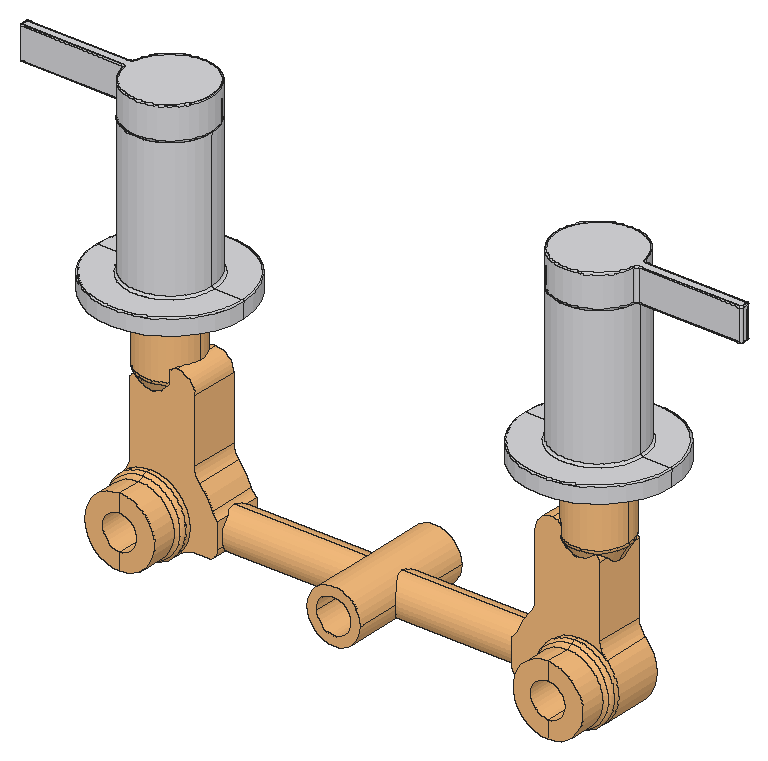
Revit family "Faucet-Handle-KOHLER-STILLNESS-K-11645M_1", category Plumbing Fixtures, host Face, Revit 2017
Family settings
  Host = Face
  Round Connector Dimension = Use Diameter
  Part Type = Normal
  OmniClass Number = 23.31.11.00
  OmniClass Title = Faucets
  Cut with Voids When Loaded = No
  Shared = No
  Room Calculation Point = No
Parameters (values of type "CP-Polished Chrome")
  Width = Faucet Hole Spacing  # 8.0315"
  WaterSense Certified = 1 = 0  # no
  Waste Water Outlet = "Waste Water Outlet"  # constant formula
  Waste Connection = 1 = 0  # no
  Vent Connection = 1 = 0  # no
  URL = "https://la.kohler.com/es?country=MX"
  Type = 1
  Tempered Water Outlet 2 = "Tempered Water Outlet 2"  # constant formula
  Tempered Water Outlet 1 = "Tempered Water Outlet 1"  # constant formula
  Product Page URL = ""
  Product Name = "STILLNESS"  # constant formula
  Product Documentation Link = ""
  Pressure = 0.00 psi
  Model = "K-11645M-4-CP"  # constant formula
  Material = "Premium Metal Construction"  # constant formula
  Master Format 2014 Name = "Residential Faucets, Supplies, and Trim"  # constant formula
  Master Format 2014 = "22 41 39"  # constant formula
  Manufacturer Address = "KOHLER Co. 444 Highland Dr. Kohler, WI 53044"  # constant formula
  Manufacturer = "KOHLER Co."  # constant formula
  Length = 3.54331"  # constant formula
  Hot Water Inlet = "Hot Water Inlet"  # constant formula
  Height = 2.75591"  # constant formula
  Handle Clearance = 2.75591"  # constant formula
  HW Connection = 1 = 1  # yes
  Flow Rate = 0 GPM
  Finish = Kohler-Metal-CP-Polished_Chrome
  Faucet Hole Spacing = 8.0315"  # constant formula
  Environmental Product Declaration = ""
  Drain Included = 1 = 0  # no
  Description = "Two-handle shower faucet"  # constant formula
  Default Elevation = 36"
  Declare Label = ""
  Date Modified = "10/07/2020"  # constant formula
  Date Created = "10/07/2020"  # constant formula
  Copyright = "Copyright KOHLER Co."  # constant formula
  Contact Us = "https://la.kohler.com/es/contact-us-page"
  Cold Water Inlet = "Cold Water Inlet"  # constant formula
  CW Connection = 1 = 1  # yes
  Assembly Code = "D2010"
  ADA Compliant = 1 = 0  # no
Reference planes (in)
  plane 1 "Center (Front/Back)": y = 0
  plane 2: z = 0
  plane 3 "Center (Left/Right)": x = 0
  plane 4: x = -4.01575
  plane 5: x = 4.01575
  plane 6: y = 1.37795
  plane 7: y = -1.37795
  plane 8: x = -6.77165
  plane 9: x = -2.6378
  plane 10: x = -5.3937
  plane 11: x = -4.80424
  plane 12: x = -3.22725
  plane 13: x = 6.77165
  plane 14: x = 2.6378
  plane 15: x = 5.3937
  plane 16: x = 4.80424
  plane 17: x = 3.22725
  plane 18: z = 3.54331
Forms (in)
  Extrusion 1, void
    sketch origin (-0.0625, -0.07843, 0) x (1, 0, 0) y (0, 1, 0)
      loop
        line (-3.12648, 0.83368) -> (-4.75, 0.83368) -> (-4.75, -0.92157) -> (-3.12648, -0.92157) -> (-3.12648, 0.83368)
      loop
        line (3.25148, 0.84099) -> (3.25148, -0.91145) -> (4.875, -0.91145) -> (4.875, 0.84099) -> (3.25148, 0.84099)
    from -4.37239 to 0
  Extrusion 2, void
    sketch origin (0, 0, 0) x (1, 0, 0) y (0, 1, 0)
      loop
        line (-4.7791, 1.37795) -> (-4.7791, -1.37795) -> (4.79447, -1.37795) -> (4.79447, 1.37795) -> (-4.7791, 1.37795)
    from -4.34171 to -2.25413
Dimensions and locks (in)
  equal spacing: plane 4, plane 3 "Center (Left/Right)", plane 5
  "Faucet Hole Spacing": plane 4 to plane 5
  "Handle Clearance": plane 8 to plane 4
  "Handle Clearance": plane 5 to plane 13
  "Length": plane 18 to level
  "Height": plane 7 to plane 6
  aligned and locked: plane 2 to host face
  aligned and locked: level to host face
  aligned and locked: plane 1 "Center (Front/Back)" to nested 1
Automatic sketch dimensions
  host sketch curve to host sketch curve = 96"  (x2)
  plane 11 to Extrusion 1 sketch curve = 0.00826"
  plane 12 to Extrusion 1 sketch curve = 0.03828"
  plane 17 to Extrusion 1 sketch curve = 0.03828"
  plane 16 to Extrusion 1 sketch curve = 0.00826"
  plane 7 to Extrusion 1 sketch curve = 0.38807"
  plane 7 to Extrusion 1 sketch curve = 0.37795"
  plane 6 to Extrusion 1 sketch curve = 0.61539"
  plane 6 to Extrusion 1 sketch curve = 0.6227"
  Extrusion 2 sketch curve to plane 7 = 0"
  Extrusion 2 sketch curve to plane 6 = 0"
  plane 8 to Extrusion 2 sketch curve = 1.99255"
  plane 13 to Extrusion 2 sketch curve = 1.97718"
Nested families (in)
  nested 1: "K-11645M" at (0, 0, 0), type "K-11645M"
Connectors (in)
  piping at (-4.01582, -1.1811, -3.54342), diameter 0.5, driven by "Flow Rate", driven by "HW Connection", driven by "Hot Water Inlet"
    settings: on nested 1, index 1, connector inside diameter 24", connector length 0", flow factor 0, pipe flow 0 GPM, pressure drop 0.00 psi, fitting loss kfactor 0, connector angle 0.00°, fixture units 0, engagement length 0", angle of deflection 0.00°, flow configuration 0, flow direction 1, fitting loss method 0, system type 19, joint type 0, gender type 0, connector reference index -1, connector utility 1, adjustable connector no, is connector primary yes, connector description "Hot Water Inlet"
  piping at (4.01582, -1.1811, -3.54342), diameter 0.5, driven by "Flow Rate", driven by "CW Connection", driven by "Cold Water Inlet"
    settings: on nested 1, index 2, connector inside diameter 24", connector length 0", flow factor 0, pipe flow 0 GPM, pressure drop 0.00 psi, fitting loss kfactor 0, connector angle 0.00°, fixture units 0, engagement length 0", angle of deflection 0.00°, flow configuration 0, flow direction 1, fitting loss method 0, system type 20, joint type 0, gender type 0, connector reference index -1, connector utility 1, adjustable connector no, is connector primary no, connector description "Cold Water Inlet"
  piping at (0, 1.1811, -3.54342), diameter 0.5, driven by "Flow Rate", driven by "HW Connection", driven by "Tempered Water Outlet 1"
    settings: on nested 1, index 3, connector inside diameter 24", connector length 0", flow factor 0, pipe flow 0 GPM, pressure drop 0.00 psi, fitting loss kfactor 0, connector angle 0.00°, fixture units 0, engagement length 0", angle of deflection 0.00°, flow configuration 0, flow direction 2, fitting loss method 0, system type 19, joint type 0, gender type 0, connector reference index -1, connector utility 1, adjustable connector no, is connector primary no, connector description "Tempered Water Outlet 1"
  piping at (0, -1.1811, -3.54342), diameter 0.5, driven by "Flow Rate", driven by "HW Connection", driven by "Tempered Water Outlet 2"
    settings: on nested 1, index 4, connector inside diameter 24", connector length 0", flow factor 0, pipe flow 0 GPM, pressure drop 0.00 psi, fitting loss kfactor 0, connector angle 0.00°, fixture units 0, engagement length 0", angle of deflection 0.00°, flow configuration 0, flow direction 2, fitting loss method 0, system type 19, joint type 0, gender type 0, connector reference index -1, connector utility 1, adjustable connector no, is connector primary no, connector description "Tempered Water Outlet 2"
Definition of nested family "K-11645M"
  Parameters (values of type "K-11645M")
    Material = none
  Reference planes (in)
    plane 1 "Center (Front/Back)": y = 0
    plane 2: z = 0
    plane 3 "Center (Left/Right)": x = 0
    plane 4: x = -5.39378
    plane 5: x = -2.63787
    plane 6: y = 1.37795
    plane 7: y = -1.37795
    plane 8: z = 3.54331
    plane 9: x = -3.22733
    plane 10: x = -4.80432
    plane 11: x = -6.77063
    plane 12: x = -3.22733
    plane 13: x = -4.80432
    plane 14: x = -4.01582
    plane 15: x = 5.39378
    plane 16: x = 2.63787
    plane 17: x = 3.22733
    plane 18: x = 4.80432
    plane 19: x = 6.77063
    plane 20: x = 3.22733
    plane 21: x = 4.80432
    plane 22: x = 4.01582
    plane 23: z = -3.54342
  Forms (in)
    Revolve 1, solid, material <- "Material", detail levels medium+fine
      sketch origin (-0.00007, 0, 0) x (-1, 0, 0) y (0, 0, 1)
        loop
          line (4.01575, 0) -> (5.3937, 0) -> (5.3937, 0.2893)
          arc (5.3937, 0.2893) -> (5.38764, 0.30394) -> (5.373, 0.31) r 0.0207
          line (5.373, 0.31) -> (4.84575, 0.31)
          arc (4.84575, 0.31) -> (4.8164, 0.32216) -> (4.80424, 0.35151) r 0.04151
          line (4.80424, 0.35151) -> (4.80424, 2.92) -> (4.01575, 2.92) -> (4.01575, 0)
        axis (4.01575, 2.92) -> (4.01575, 0)
      angle from 0 to 360
    Sweep 2, solid, material <- "Material", detail levels medium+fine
      path origin (-0.00007, 0, 0) x (-1, 0, 0) y (0, 1, 0)
        loop
          arc (4.79179, 0.1396) -> (3.22725, 0) -> (4.79179, -0.1396) r 0.7885
          arc (4.79179, -0.1396) -> (4.81203, -0.10475) -> (4.84991, -0.091) r 0.05906
          line (4.84991, -0.091) -> (6.73119, -0.091)
          arc (6.73119, -0.091) -> (6.75903, -0.07947) -> (6.77056, -0.05163) r 0.03937
          line (6.77056, -0.05163) -> (6.77056, 0.05163)
          arc (6.77056, 0.05163) -> (6.75903, 0.07947) -> (6.73119, 0.091) r 0.03937
          line (6.73119, 0.091) -> (4.84991, 0.091)
          arc (4.84991, 0.091) -> (4.81203, 0.10475) -> (4.79179, 0.1396) r 0.05906
      profile origin (-3.22733, 0, 0) x (1, 0, 0) y (0, 0, 1)
        loop
          arc (0, 3.52362) -> (-0.00577, 3.53754) -> (-0.01969, 3.54331) r 0.01969
          line (-0.01969, 3.54331) -> (-0.01969, 2.925)
          arc (-0.01969, 2.925) -> (-0.00577, 2.93077) -> (0, 2.94469) r 0.01969
          line (0, 2.94469) -> (0, 3.52362)
    Extrusion 3, solid, material <- "Material", detail levels medium+fine
      sketch origin (-0.00007, 0, 0) x (-1, 0, 0) y (0, -1, 0)
        loop
          arc (4.77241, -0.13611) -> (4.7994, -0.08965) -> (4.84991, -0.07131) r 0.07874
          line (4.84991, -0.07131) -> (6.73119, -0.07131)
          arc (6.73119, -0.07131) -> (6.74511, -0.06555) -> (6.75087, -0.05163) r 0.01969
          line (6.75087, -0.05163) -> (6.75087, 0.05163)
          arc (6.75087, 0.05163) -> (6.74511, 0.06555) -> (6.73119, 0.07131) r 0.01969
          line (6.73119, 0.07131) -> (4.84991, 0.07131)
          arc (4.84991, 0.07131) -> (4.7994, 0.08965) -> (4.77241, 0.13611) r 0.07874
          arc (4.77241, 0.13611) -> (3.24694, 0) -> (4.77241, -0.13611) r 0.76881
      from 2.925 to 3.54331
    Revolve 4, solid, material <- "Material", detail levels medium+fine
      sketch origin (-0.00007, 0, 0) x (-1, 0, 0) y (0, 0, 1)
        loop
          arc (3.27866, 2.92615) -> (3.30436, 2.92258) -> (3.32914, 2.91489) r 0.15965
          line (3.32914, 2.91489) -> (4.01575, 2.91489) -> (4.01575, 2.9599) -> (3.27866, 2.9599) -> (3.27866, 2.92615)
        axis (4.01575, 2.9599) -> (4.01575, 2.91489)
      angle from 0 to 360
    Extrusion 5, solid, material <- "Material", detail levels medium+fine
      sketch origin (-0.00007, 0, 0) x (1, 0, 0) y (0, 1, 0)
        loop
          circle (-4.01575, 0) r 0.5
      from 0 to 0.10091
    Revolve 6, solid, material <- "Material", detail levels medium+fine
      sketch origin (0.00007, 0, 0) x (1, 0, 0) y (0, 0, 1)
        loop
          line (4.01575, 0) -> (5.3937, 0) -> (5.3937, 0.2893)
          arc (5.3937, 0.2893) -> (5.38764, 0.30394) -> (5.373, 0.31) r 0.0207
          line (5.373, 0.31) -> (4.84575, 0.31)
          arc (4.84575, 0.31) -> (4.8164, 0.32216) -> (4.80424, 0.35151) r 0.04151
          line (4.80424, 0.35151) -> (4.80424, 2.92) -> (4.01575, 2.92) -> (4.01575, 0)
        axis (4.01575, 2.92) -> (4.01575, 0)
      angle from 0 to 360
    Revolve 7, solid, material <- "Material", detail levels medium+fine
      sketch origin (0.00007, 0, 0) x (1, 0, 0) y (0, 0, 1)
        loop
          arc (3.27866, 2.92615) -> (3.30436, 2.92258) -> (3.32914, 2.91489) r 0.15965
          line (3.32914, 2.91489) -> (4.01575, 2.91489) -> (4.01575, 2.9599) -> (3.27866, 2.9599) -> (3.27866, 2.92615)
        axis (4.01575, 2.9599) -> (4.01575, 2.91489)
      angle from 0 to 360
    Extrusion 8, solid, material <- "Material", detail levels medium+fine
      sketch origin (0.00007, 0, 0) x (-1, 0, 0) y (0, -1, 0)
        loop
          circle (-4.01575, 0) r 0.5
      from 0 to 0.10091
    Revolve 9, solid
      sketch origin (0, 0, 0) x (1, 0, 0) y (0, 0, 1)
        loop
          line (4.01582, 0) -> (4.01582, -1.67475) -> (4.34812, -1.67475) -> (4.57063, -1.28737)
          arc (4.57063, -1.28737) -> (4.58255, -1.25846) -> (4.58661, -1.22745) r 0.12029
          line (4.58661, -1.22745) -> (4.58661, -0.45154)
          arc (4.58661, -0.45154) -> (4.605, -0.40097) -> (4.65156, -0.37402) r 0.07874
          line (4.65156, -0.37402) -> (4.65156, 0) -> (4.01582, 0)
        axis (4.01582, 0) -> (4.01582, -1.67475)
      angle from 0 to 360
    Extrusion 10, solid
      sketch origin (0, 0, 0) x (1, 0, 0) y (0, 0, 1)
        loop
          arc (4.40945, -1.42001) -> (4.34252, -1.32422) -> (4.22954, -1.35412) r 0.10202
          arc (4.22954, -1.35412) -> (3.98808, -1.4645) -> (3.74914, -1.34876) r 0.31172
          arc (3.74914, -1.34876) -> (3.69291, -1.24208) -> (3.68137, -1.12205) r 0.31172
          arc (3.68137, -1.12205) -> (3.64045, -1.0025) -> (3.52329, -0.95517) r 0.15203
          arc (3.52329, -0.95517) -> (3.2869, -1.05309) -> (3.18898, -1.28948) r 0.33432
          line (3.18898, -1.28948) -> (3.18898, -2.4665)
          arc (3.18898, -2.4665) -> (3.16319, -2.60485) -> (3.08928, -2.72462) r 0.38397
          arc (3.08928, -2.72462) -> (2.95369, -2.90694) -> (2.85612, -3.11215) r 1.16353
          arc (2.85612, -3.11215) -> (2.81549, -3.18468) -> (2.7536, -3.24018) r 0.2537
          line (2.7536, -3.24018) -> (2.7536, -3.72356)
          arc (2.7536, -3.72356) -> (2.81035, -3.86057) -> (2.94736, -3.91732) r 0.19377
          line (2.94736, -3.91732) -> (3.14662, -3.91732)
          arc (3.14662, -3.91732) -> (3.33734, -3.95513) -> (3.49922, -4.06282) r 0.5
          arc (3.49922, -4.06282) -> (4.53682, -4.0584) -> (4.52918, -3.02082) r 0.73256
          arc (4.52918, -3.02082) -> (4.44059, -2.89015) -> (4.40945, -2.73538) r 0.40011
          line (4.40945, -2.73538) -> (4.40945, -1.42001)
      from -0.45276 to 0.45276
    Revolve 11, solid
      sketch origin (4.01582, 0, 0) x (0, 1, 0) y (0, 0, 1)
        loop
          line (-1.1811, -3.86585) -> (-1.1811, -4.19681) -> (-0.72573, -4.19681)
          arc (-0.72573, -4.19681) -> (-0.67247, -4.20918) -> (-0.62787, -4.24083) r 0.14147
          arc (-0.62787, -4.24083) -> (-0.59057, -4.26682) -> (-0.54605, -4.27599) r 0.11279
          line (-0.54605, -4.27599) -> (-0.45276, -4.27599) -> (-0.45276, -3.86585) -> (-1.1811, -3.86585)
        axis (-0.45276, -3.54342) -> (-1.1811, -3.54342)
      angle from 0 to 360
    Revolve 12, solid
      sketch origin (0, 0, 0) x (1, 0, 0) y (0, 0, 1)
        loop
          line (3.14662, -3.54342) -> (0, -3.54342) -> (0, -3.91732) -> (3.14662, -3.91732) -> (3.14662, -3.54342)
        axis (3.14662, -3.54342) -> (0, -3.54342)
      angle from 0 to 360
    Extrusion 13, solid
      sketch origin (0, 0, 0) x (1, 0, 0) y (0, 0, 1)
        loop
          circle (0, -3.54342) r 0.5
      from -1.1811 to 1.1811
    Extrusion 14, void
      sketch origin (0, 0, 0) x (1, 0, 0) y (0, 0, 1)
        loop
          circle (0, -3.54342) r 0.32537
      from -1.82522 to 2.0337
    Revolve 15, solid
      sketch origin (0, 0, 0) x (-1, 0, 0) y (0, 0, 1)
        loop
          line (3.14662, -3.54342) -> (0, -3.54342) -> (0, -3.91732) -> (3.14662, -3.91732) -> (3.14662, -3.54342)
        axis (3.14662, -3.54342) -> (0, -3.54342)
      angle from 0 to 360
    Extrusion 16, solid
      sketch origin (0, 0, 0) x (-1, 0, 0) y (0, 0, -1)
        loop
          line (4.40945, 1.42001) -> (4.40945, 2.73538)
          arc (4.40945, 2.73538) -> (4.44059, 2.89015) -> (4.52918, 3.02082) r 0.40011
          arc (4.52918, 3.02082) -> (4.53682, 4.0584) -> (3.49922, 4.06282) r 0.73256
          arc (3.49922, 4.06282) -> (3.33734, 3.95513) -> (3.14662, 3.91732) r 0.5
          line (3.14662, 3.91732) -> (2.94736, 3.91732)
          arc (2.94736, 3.91732) -> (2.81035, 3.86057) -> (2.7536, 3.72356) r 0.19377
          line (2.7536, 3.72356) -> (2.7536, 3.24018)
          arc (2.7536, 3.24018) -> (2.81549, 3.18468) -> (2.85612, 3.11215) r 0.2537
          arc (2.85612, 3.11215) -> (2.95369, 2.90694) -> (3.08928, 2.72462) r 1.16353
          arc (3.08928, 2.72462) -> (3.16319, 2.60485) -> (3.18898, 2.4665) r 0.38397
          line (3.18898, 2.4665) -> (3.18898, 1.28948)
          arc (3.18898, 1.28948) -> (3.2869, 1.05309) -> (3.52329, 0.95517) r 0.33432
          arc (3.52329, 0.95517) -> (3.64045, 1.0025) -> (3.68137, 1.12205) r 0.15203
          arc (3.68137, 1.12205) -> (3.69291, 1.24208) -> (3.74914, 1.34876) r 0.31172
          arc (3.74914, 1.34876) -> (3.98808, 1.4645) -> (4.22954, 1.35412) r 0.31172
          arc (4.22954, 1.35412) -> (4.34252, 1.32422) -> (4.40945, 1.42001) r 0.10202
      from -0.45276 to 0.45276
    Revolve 17, solid
      sketch origin (0, 0, 0) x (-1, 0, 0) y (0, 0, 1)
        loop
          line (4.01582, 0) -> (4.01582, -1.67475) -> (4.34812, -1.67475) -> (4.57063, -1.28737)
          arc (4.57063, -1.28737) -> (4.58255, -1.25846) -> (4.58661, -1.22745) r 0.12029
          line (4.58661, -1.22745) -> (4.58661, -0.45154)
          arc (4.58661, -0.45154) -> (4.605, -0.40097) -> (4.65156, -0.37402) r 0.07874
          line (4.65156, -0.37402) -> (4.65156, 0) -> (4.01582, 0)
        axis (4.01582, 0) -> (4.01582, -1.67475)
      angle from 0 to 360
    Revolve 18, solid
      sketch origin (-4.01582, 0, 0) x (0, 1, 0) y (0, 0, -1)
        loop
          line (-1.1811, 3.86585) -> (-0.45276, 3.86585) -> (-0.45276, 4.27599) -> (-0.54605, 4.27599)
          arc (-0.54605, 4.27599) -> (-0.59057, 4.26682) -> (-0.62787, 4.24083) r 0.11279
          arc (-0.62787, 4.24083) -> (-0.67247, 4.20918) -> (-0.72573, 4.19681) r 0.14147
          line (-0.72573, 4.19681) -> (-1.1811, 4.19681) -> (-1.1811, 3.86585)
        axis (-0.45276, 3.54342) -> (-1.1811, 3.54342)
      angle from 0 to 360
    Sweep 19, solid, material <- "Material", detail levels medium+fine
      path origin (0.00007, 0, 0) x (1, 0, 0) y (0, 1, 0)
        loop
          arc (4.79179, 0.1396) -> (3.22725, 0) -> (4.79179, -0.1396) r 0.7885
          arc (4.79179, -0.1396) -> (4.81203, -0.10475) -> (4.84991, -0.091) r 0.05906
          line (4.84991, -0.091) -> (6.73119, -0.091)
          arc (6.73119, -0.091) -> (6.75903, -0.07947) -> (6.77056, -0.05163) r 0.03937
          line (6.77056, -0.05163) -> (6.77056, 0.05163)
          arc (6.77056, 0.05163) -> (6.75903, 0.07947) -> (6.73119, 0.091) r 0.03937
          line (6.73119, 0.091) -> (4.84991, 0.091)
          arc (4.84991, 0.091) -> (4.81203, 0.10475) -> (4.79179, 0.1396) r 0.05906
      profile origin (3.22733, 0, 0) x (1, 0, 0) y (0, 0, 1)
        loop
          line (0, 3.52362) -> (0, 2.94469)
          arc (0, 2.94469) -> (0.00577, 2.93077) -> (0.01969, 2.925) r 0.01969
          line (0.01969, 2.925) -> (0.01969, 3.54331)
          arc (0.01969, 3.54331) -> (0.00577, 3.53754) -> (0, 3.52362) r 0.01969
    Extrusion 20, solid, material <- "Material", detail levels medium+fine
      sketch origin (0.00007, 0, 0) x (1, 0, 0) y (0, 1, 0)
        loop
          arc (4.77241, 0.13611) -> (3.24694, 0) -> (4.77241, -0.13611) r 0.76881
          arc (4.77241, -0.13611) -> (4.7994, -0.08965) -> (4.84991, -0.07131) r 0.07874
          line (4.84991, -0.07131) -> (6.73119, -0.07131)
          arc (6.73119, -0.07131) -> (6.74511, -0.06555) -> (6.75087, -0.05163) r 0.01969
          line (6.75087, -0.05163) -> (6.75087, 0.05163)
          arc (6.75087, 0.05163) -> (6.74511, 0.06555) -> (6.73119, 0.07131) r 0.01969
          line (6.73119, 0.07131) -> (4.84991, 0.07131)
          arc (4.84991, 0.07131) -> (4.7994, 0.08965) -> (4.77241, 0.13611) r 0.07874
      from 2.925 to 3.54331
    Revolve 21, solid, material <- "Material", detail levels coarse
      sketch origin (0, 0, 0) x (1, 0, 0) y (0, 0, 1)
        loop
          line (-4.01582, 0) -> (-4.01582, 3.54331) -> (-4.82579, 3.54331) -> (-4.82579, 0.36247) -> (-5.39378, 0.36247) -> (-5.39378, 0) -> (-4.01582, 0)
        axis (-4.01582, 3.54331) -> (-4.01582, 0)
      angle from 0 to 360
    Extrusion 22, solid, material <- "Material", detail levels coarse
      sketch origin (0, 0, 0) x (1, 0, 0) y (0, 0, 1)
        loop
          line (-4.23708, 3.54331) -> (-6.7689, 3.54331) -> (-6.7689, 2.925) -> (-4.23708, 2.925) -> (-4.23708, 3.54331)
      from -0.09162 to 0.09269
    Extrusion 23, solid, material <- "Material", detail levels coarse
      sketch origin (0, 0, 0) x (-1, 0, 0) y (0, 0, -1)
        loop
          line (-4.23708, -3.54331) -> (-4.23708, -2.925) -> (-6.7689, -2.925) -> (-6.7689, -3.54331) -> (-4.23708, -3.54331)
      from -0.09162 to 0.09269
    Revolve 24, solid, material <- "Material", detail levels coarse
      sketch origin (0, 0, 0) x (-1, 0, 0) y (0, 0, 1)
        loop
          line (-4.01582, 0) -> (-4.01582, 3.54331) -> (-4.82579, 3.54331) -> (-4.82579, 0.36247) -> (-5.39378, 0.36247) -> (-5.39378, 0) -> (-4.01582, 0)
        axis (-4.01582, 3.54331) -> (-4.01582, 0)
      angle from 0 to 360
  Cuts and joins
    joined: Revolve 1, Extrusion 3
    joined: Sweep 2, Revolve 4
    Extrusion 14 cuts Revolve 9
    Extrusion 14 cuts Extrusion 10
    Extrusion 14 cuts Revolve 11
    Extrusion 14 cuts Revolve 12
    Extrusion 14 cuts Extrusion 13
    Extrusion 14 cuts Revolve 15
    Extrusion 14 cuts Extrusion 16
    Extrusion 14 cuts Revolve 17
    Extrusion 14 cuts Revolve 18
    joined: Revolve 9, Extrusion 10, Revolve 11, Revolve 12, Extrusion 13, Revolve 15, Extrusion 16, Revolve 17, Revolve 18
    joined: Revolve 21, Extrusion 22
    joined: Extrusion 23, Revolve 24
  Lines and regions (in)
    Masking region 1
      outline origin (-0.00007, 0, 0) x (1, 0, 0) y (0, 1, 0)
        loop
          line (-5.39069, 0.091) -> (-6.73147, 0.091)
          arc (-6.73147, 0.091) -> (-6.75911, 0.07955) -> (-6.77056, 0.05191) r 0.03909
          line (-6.77056, 0.05191) -> (-6.77056, -0.05246)
          arc (-6.77056, -0.05246) -> (-6.75927, -0.07971) -> (-6.73202, -0.091) r 0.03854
          line (-6.73202, -0.091) -> (-5.39069, -0.091)
          arc (-5.39069, -0.091) -> (-2.6378, 0) -> (-5.39069, 0.091) r 1.37795
        loop
          arc (5.39084, 0.091) -> (2.63794, 0) -> (5.39084, -0.091) r 1.37795
          line (5.39084, -0.091) -> (6.73217, -0.091)
          arc (6.73217, -0.091) -> (6.75942, -0.07971) -> (6.77071, -0.05246) r 0.03854
          line (6.77071, -0.05246) -> (6.77071, 0.05191)
          arc (6.77071, 0.05191) -> (6.75926, 0.07955) -> (6.73162, 0.091) r 0.03909
          line (6.73162, 0.091) -> (5.39084, 0.091)
    Masking region 2
      outline origin (0, 0, 0) x (0, 1, 0) y (0, 0, 1)
        loop
          line (0.76878, 3.54331) -> (0, 3.54331) -> (-0.76878, 3.54331)
          arc (-0.76878, 3.54331) -> (-0.78272, 3.53753) -> (-0.7885, 3.52359) r 0.01972
          line (-0.7885, 3.52359) -> (-0.7885, 3.02073) -> (-0.7885, 0.35011)
          arc (-0.7885, 0.35011) -> (-0.80025, 0.32175) -> (-0.82861, 0.31) r 0.04011
          line (-0.82861, 0.31) -> (-1.37795, 0.31) -> (-1.37795, 0) -> (0, 0) -> (1.37795, 0) -> (1.37795, 0.31) -> (0.82861, 0.31)
          arc (0.82861, 0.31) -> (0.80025, 0.32175) -> (0.7885, 0.35011) r 0.04011
          line (0.7885, 0.35011) -> (0.7885, 3.0195) -> (0.7885, 3.52359)
          arc (0.7885, 3.52359) -> (0.78272, 3.53753) -> (0.76878, 3.54331) r 0.01972
    Masking region 3
      outline origin (0.00007, 0, 0) x (-1, 0, 0) y (0, 0, 1)
        loop
          line (-3.24744, 3.54331) -> (-6.75077, 3.54331)
          arc (-6.75077, 3.54331) -> (-6.76476, 3.53751) -> (-6.77056, 3.52352) r 0.01979
          line (-6.77056, 3.52352) -> (-6.77056, 2.94552)
          arc (-6.77056, 2.94552) -> (-6.76455, 2.93101) -> (-6.75004, 2.925) r 0.02052
          line (-6.75004, 2.925) -> (-4.80424, 2.925) -> (-4.80424, 0.34996)
          arc (-4.80424, 0.34996) -> (-4.81595, 0.3217) -> (-4.8442, 0.31) r 0.03996
          line (-4.8442, 0.31) -> (-5.3937, 0.31) -> (-5.3937, 0) -> (-2.6378, 0) -> (-2.6378, 0.31) -> (-3.18744, 0.31)
          arc (-3.18744, 0.31) -> (-3.21559, 0.32166) -> (-3.22725, 0.34981) r 0.03981
          line (-3.22725, 0.34981) -> (-3.22725, 3.52311)
          arc (-3.22725, 3.52311) -> (-3.23317, 3.53739) -> (-3.24744, 3.54331) r 0.02019
        loop
          arc (3.24759, 3.54331) -> (3.23332, 3.53739) -> (3.2274, 3.52311) r 0.02019
          line (3.2274, 3.52311) -> (3.2274, 0.34996)
          arc (3.2274, 0.34996) -> (3.2157, 0.3217) -> (3.18744, 0.31) r 0.03996
          line (3.18744, 0.31) -> (2.63794, 0.31) -> (2.63794, 0) -> (5.39385, 0) -> (5.39385, 0.31) -> (4.84435, 0.31)
          arc (4.84435, 0.31) -> (4.8161, 0.3217) -> (4.80439, 0.34996) r 0.03996
          line (4.80439, 0.34996) -> (4.80439, 2.925) -> (6.75019, 2.925)
          arc (6.75019, 2.925) -> (6.7647, 2.93101) -> (6.77071, 2.94552) r 0.02052
          line (6.77071, 2.94552) -> (6.77071, 3.52352)
          arc (6.77071, 3.52352) -> (6.76491, 3.53751) -> (6.75092, 3.54331) r 0.01979
          line (6.75092, 3.54331) -> (3.24759, 3.54331)
    Masking region 4, detail levels medium+fine
      outline origin (0, 0, 0) x (1, 0, 0) y (0, 0, 1)
        loop
          line (4.65156, 0) -> (3.38008, 0) -> (3.38008, -0.37402)
          arc (3.38008, -0.37402) -> (3.42665, -0.40097) -> (3.44503, -0.45154) r 0.07874
          line (3.44503, -0.45154) -> (3.44503, -0.96446)
          arc (3.44503, -0.96446) -> (3.26068, -1.0826) -> (3.18898, -1.28948) r 0.33432
          line (3.18898, -1.28948) -> (3.18898, -2.4665)
          arc (3.18898, -2.4665) -> (3.16319, -2.60485) -> (3.08928, -2.72462) r 0.38397
          arc (3.08928, -2.72462) -> (2.95369, -2.90694) -> (2.85612, -3.11215) r 1.16353
          arc (2.85612, -3.11215) -> (2.84326, -3.14177) -> (2.82673, -3.16952) r 0.2537
          line (2.82673, -3.16952) -> (0.33196, -3.16952)
          arc (0.33196, -3.16952) -> (0, -3.04342) -> (-0.33196, -3.16952) r 0.5
          line (-0.33196, -3.16952) -> (-2.82527, -3.16952)
          arc (-2.82527, -3.16952) -> (-2.8418, -3.14177) -> (-2.85467, -3.11215) r 0.2537
          arc (-2.85467, -3.11215) -> (-2.95223, -2.90694) -> (-3.08782, -2.72462) r 1.16353
          arc (-3.08782, -2.72462) -> (-3.16173, -2.60485) -> (-3.18752, -2.4665) r 0.38397
          line (-3.18752, -2.4665) -> (-3.18752, -1.28948)
          arc (-3.18752, -1.28948) -> (-3.25969, -1.08201) -> (-3.44503, -0.96411) r 0.33432
          line (-3.44503, -0.96411) -> (-3.44503, -0.45154)
          arc (-3.44503, -0.45154) -> (-3.42665, -0.40097) -> (-3.38008, -0.37402) r 0.07874
          line (-3.38008, -0.37402) -> (-3.38008, 0) -> (-4.65156, 0) -> (-4.65156, -0.37402)
          arc (-4.65156, -0.37402) -> (-4.605, -0.40097) -> (-4.58661, -0.45154) r 0.07874
          line (-4.58661, -0.45154) -> (-4.58661, -1.22745)
          arc (-4.58661, -1.22745) -> (-4.58255, -1.25846) -> (-4.57063, -1.28737) r 0.12029
          line (-4.57063, -1.28737) -> (-4.40945, -1.56798) -> (-4.40945, -2.73538)
          arc (-4.40945, -2.73538) -> (-4.44059, -2.89015) -> (-4.52918, -3.02082) r 0.40011
          arc (-4.52918, -3.02082) -> (-4.53682, -4.0584) -> (-3.49922, -4.06282) r 0.73256
          arc (-3.49922, -4.06282) -> (-3.33734, -3.95513) -> (-3.14662, -3.91732) r 0.5
          line (-3.14662, -3.91732) -> (-2.94452, -3.91732) -> (-0.33196, -3.91732)
          arc (-0.33196, -3.91732) -> (0, -4.04342) -> (0.33196, -3.91732) r 0.5
          line (0.33196, -3.91732) -> (2.94452, -3.91732) -> (3.14662, -3.91732)
          arc (3.14662, -3.91732) -> (3.33734, -3.95513) -> (3.49922, -4.06282) r 0.5
          arc (3.49922, -4.06282) -> (4.53682, -4.0584) -> (4.52918, -3.02082) r 0.73256
          arc (4.52918, -3.02082) -> (4.44059, -2.89015) -> (4.40945, -2.73538) r 0.40011
          line (4.40945, -2.73538) -> (4.40945, -1.56798) -> (4.57063, -1.28737)
          arc (4.57063, -1.28737) -> (4.58255, -1.25846) -> (4.58661, -1.22745) r 0.12029
          line (4.58661, -1.22745) -> (4.58661, -0.45154)
          arc (4.58661, -0.45154) -> (4.605, -0.40097) -> (4.65156, -0.37402) r 0.07874
          line (4.65156, -0.37402) -> (4.65156, 0)
        loop
          circle (0, -3.54342) r 0.32537
    Masking region 5
      outline origin (0, 0, 0) x (0, 1, 0) y (0, 0, 1)
        loop
          line (-0.63574, 0) -> (-0.63574, -0.37402)
          arc (-0.63574, -0.37402) -> (-0.58917, -0.40097) -> (-0.57079, -0.45154) r 0.07874
          line (-0.57079, -0.45154) -> (-0.57079, -1.22745)
          arc (-0.57079, -1.22745) -> (-0.56673, -1.25846) -> (-0.55481, -1.28737) r 0.12029
          line (-0.55481, -1.28737) -> (-0.45276, -1.46503) -> (-0.45276, -2.81086) -> (-0.54605, -2.81086)
          arc (-0.54605, -2.81086) -> (-0.59057, -2.82002) -> (-0.62787, -2.84602) r 0.11279
          arc (-0.62787, -2.84602) -> (-0.67247, -2.87766) -> (-0.72573, -2.89003) r 0.14147
          line (-0.72573, -2.89003) -> (-1.1811, -2.89003) -> (-1.1811, -4.19681) -> (-0.72573, -4.19681)
          arc (-0.72573, -4.19681) -> (-0.67247, -4.20918) -> (-0.62787, -4.24083) r 0.14147
          arc (-0.62787, -4.24083) -> (-0.59057, -4.26682) -> (-0.54605, -4.27599) r 0.11279
          line (-0.54605, -4.27599) -> (-0.45276, -4.27599) -> (0.45276, -4.27599) -> (0.45276, -4.04342) -> (1.1811, -4.04342) -> (1.1811, -3.04342) -> (0.45276, -3.04342) -> (0.45276, -1.46503) -> (0.55481, -1.28737)
          arc (0.55481, -1.28737) -> (0.56673, -1.25846) -> (0.57079, -1.22745) r 0.12029
          line (0.57079, -1.22745) -> (0.57079, -0.45154)
          arc (0.57079, -0.45154) -> (0.58917, -0.40097) -> (0.63574, -0.37402) r 0.07874
          line (0.63574, -0.37402) -> (0.63574, 0) -> (0, 0) -> (-0.63574, 0)
    symbolic lines, detail levels medium+fine
      curve 1: arc (-4.78425, -0.17674, 0) -> (-3.22733, 0, 0) -> (-4.78425, 0.17674, 0) r 0.7885
      curve 2: line (-5.39077, 0.091, 0) -> (-4.89196, 0.091, 0)
      curve 3: line (-5.39077, -0.091, 0) -> (-4.89196, -0.091, 0)
      curve 4: arc (-4.89196, -0.091, 0) -> (-4.82313, -0.11505, 0) -> (-4.78425, -0.17674, 0) r 0.11052
      curve 5: arc (-4.89196, 0.091, 0) -> (-4.82313, 0.11505, 0) -> (-4.78425, 0.17674, 0) r 0.11052
      curve 6: line (-4.84428, 0, 0.31) -> (-3.18752, 0, 0.31)
      curve 7: line (-4.80432, 0, 2.925) -> (-3.22733, 0, 2.925)
      curve 8: line (-4.80432, 0, 2.92) -> (-3.22733, 0, 2.92)
      curve 9: line (0, 0.82861, 0.31) -> (0, -0.82861, 0.31)
      curve 10: line (0, 0.7885, 2.92) -> (0, -0.7885, 2.92)
      curve 11: line (0, 0.76881, 2.925) -> (0, -0.769, 2.925)
      curve 12: line (0, -0.73122, 2.925) -> (0, -0.69558, 2.92)
      curve 13: line (0, 0.73122, 2.925) -> (0, 0.69558, 2.92)
      curve 14: arc (0, -0.769, 2.925) -> (0, -0.78096, 2.92882) -> (0, -0.7885, 2.93886) r 0.02064
      curve 15: arc (0, 0.7885, 2.94163) -> (0, 0.7817, 2.92971) -> (0, 0.76881, 2.925) r 0.01997
      curve 16: line (-4.80432, 0, 2.925) -> (-4.80432, 0, 3.54331)
      curve 17: line (0, 0.091, 3.51588) -> (0, 0.091, 2.96107)
      curve 18: arc (0, 0.091, 2.96107) -> (0, 0.07925, 2.93437) -> (0, 0.05163, 2.925) r 0.0362
      curve 19: line (0, -0.091, 3.51588) -> (0, -0.091, 2.96107)
      curve 20: arc (0, -0.091, 2.96107) -> (0, -0.07925, 2.93437) -> (0, -0.05163, 2.925) r 0.0362
      curve 21: arc (0, -0.06117, 3.54331) -> (0, -0.08211, 3.53614) -> (0, -0.091, 3.51588) r 0.02752
      curve 22: arc (0, 0.06117, 3.54331) -> (0, 0.08211, 3.53614) -> (0, 0.091, 3.51588) r 0.02752
      curve 23: arc (4.78425, -0.17674, 0) -> (3.22733, 0, 0) -> (4.78425, 0.17674, 0) r 0.7885
      curve 24: line (5.39077, 0.091, 0) -> (4.89196, 0.091, 0)
      curve 25: line (5.39077, -0.091, 0) -> (4.89196, -0.091, 0)
      curve 26: arc (4.89196, -0.091, 0) -> (4.82313, -0.11505, 0) -> (4.78425, -0.17674, 0) r 0.11052
      curve 27: arc (4.89196, 0.091, 0) -> (4.82313, 0.11505, 0) -> (4.78425, 0.17674, 0) r 0.11052
      curve 28: circle (2.63787, 0, -3.54342) r 0.15512 normal (0, -1, 0)
      curve 29: arc (3.49922, 0, -4.06282) -> (3.49643, 0, -3.02682) -> (4.53242, 0, -3.02403) r 0.73256
      curve 30: circle (4.01582, 0, -3.54342) r 0.65339 normal (0, 1, 0)
      curve 31: arc (0.33196, 0, -3.91732) -> (0.5, 0, -3.54342) -> (0.33196, 0, -3.16952) r 0.5
      curve 32: arc (-0.33196, 0, -3.16952) -> (-0.5, 0, -3.54342) -> (-0.33196, 0, -3.91732) r 0.5
      curve 33: arc (-3.49922, 0, -4.06282) -> (-3.49643, 0, -3.02682) -> (-4.53242, 0, -3.02403) r 0.73256
      curve 34: circle (-4.01582, 0, -3.54342) r 0.65339 normal (0, -1, 0)
      curve 35: line (0, 0.45276, -4.04342) -> (0, 0.45276, -3.04342)
      curve 45: line (4.84428, 0, 0.31) -> (3.18752, 0, 0.31)
      curve 46: line (4.80432, 0, 2.925) -> (3.22733, 0, 2.925)
      curve 47: line (4.80432, 0, 2.92) -> (3.22733, 0, 2.92)
      curve 48: line (4.80432, 0, 2.925) -> (4.80432, 0, 3.54331)
    symbolic lines, detail levels coarse
      curve 36: line (0, 0, -3.29342) -> (0.21651, 0, -3.16842)
      curve 37: line (0.21651, 0, -3.16842) -> (0.21651, 0, -3.41842)
      curve 38: line (0, 0, -3.29342) -> (0.21651, 0, -3.41842)
      curve 39: line (0, 0, -3.29342) -> (-0.21651, 0, -3.16842)
      curve 40: line (-0.21651, 0, -3.16842) -> (-0.21651, 0, -3.41842)
      curve 41: line (0, 0, -3.29342) -> (-0.21651, 0, -3.41842)
      curve 42: line (-0.21651, 0, -3.54342) -> (0.21651, 0, -3.54342)
      curve 43: arc (0.21651, 0, -3.54342) -> (0, 0, -3.75993) -> (-0.21651, 0, -3.54342) r 0.21651
      curve 44: line (0, 0, -3.29342) -> (0, 0, -3.54342)
  Dimensions and locks (in)
    plane 8 to level = 3.54331"
    plane 12 to plane 11 = 3.54331"
    plane 5 to plane 4 = 2.75591"
    aligned and locked: plane 2 to level
